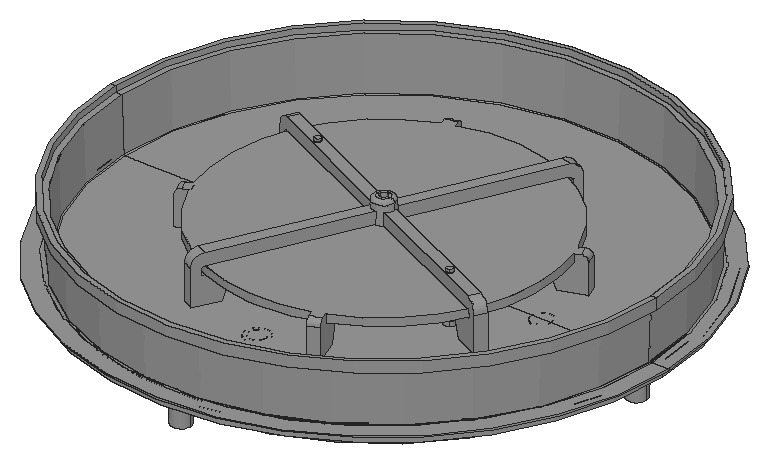
Revit family "MH-Overflow_Updated", category Plumbing Fixtures, Revit 2020
Family settings
  Round Connector Dimension = Use Diameter
  Part Type = Normal
  OmniClass Number = 23.70.50.21.24.11
  OmniClass Title = Roof Waste Water Drains
  Work Plane-Based = No
  Always vertical = Yes
  Cut with Voids When Loaded = No
  Shared = No
  Room Calculation Point = No
Parameters (values of type "MH-300_3"Ø")
  r2 = (12.59843" - 11.14173") / 2  # 0.72835"
  od3 = 0.19497"
  od2 = od1 - 0.07874"  # 0.31496"
  od1 = 0.3937"
  max dia = 141/256"
  linearW = 3.54331"
  linearL = 1.65354"
  id3 = od3 / 2  # 0.09748"
  id1 = od1 / 2  # 0.19685"
  URL = "www.mifab.com"
  SC2 = SC1 / 1.5  # 0.11087"
  SC1 = 0.1663"
  RP2 = id1  # 0.19685"
  Model = "MH-300"
  Manufacturer = "MIFAB\r\n\r\nMIFAB\r\nMIFAB"
  Description = "3\" HydroMax Siphonic Overflow Roof Drain"
  Default Elevation = 0"
  C'1 = C' + 0.41339"  # 5.74803"
  C' = C / 2  # 5.33465"
  RP1 = od2 / 2  # 0.15748"
  R1 = 1.9685" / 9.375  # 0.20997"
  PIPE SIZE' = PIPE SIZE / 2  # 1 1/2"
  PIPE SIZE = 3"
  Material [instance] = Stainless Steel AISI 304
  D = 3.54331"
  C = 10.66929"
  B01 = B' - od1  # 8.52362"
  B' = B / 2  # 8.91732"
  B = 17.83465"
  A' = A / 2  # 9.68504"
  A = 19.37008"
Types (5): name | od3 | od2 | od1 | max dia | linearW | linearL | id3 | id1 | RP2 | Model | Description | C'1 | C' | RP1 | PIPE SIZE' | PIPE SIZE | D | C | B01 | B' | B | A' | A
  (no name) | 0.19497" | 0.31496" | 0.3937" | 141/256" | 3.54331" | 1.65354" | 0.09748" | 0.19685" | 0.19685" | "MH-300" | "3\" HydroMax Siphonic Overflow Roof Drain" | 5.74803" | 5.33465" | 0.15748" | 1 1/2" | 3" | 3.54331" | 10.66929" | 8.52362" | 8.91732" | 17.83465" | 9.68504" | 19.37008"
  MH-300_3"Ø | 0.19497" | 0.31496" | 0.3937" | 141/256" | 3.54331" | 1.65354" | 0.09748" | 0.19685" | 0.19685" | "MH-300" | "3\" HydroMax Siphonic Overflow Roof Drain" | 5.74803" | 5.33465" | 0.15748" | 1 1/2" | 3" | 3.54331" | 10.66929" | 8.52362" | 8.91732" | 17.83465" | 9.68504" | 19.37008"
  MH-400_4"Ø | 0.19497" | 0.3937" | 0.47244" | 141/256" | 3.93701" | 1.83071" | 0.09748" | 0.23622" | 0.23622" | "MH-400" | "4\" HydroMax Siphonic Overflow Roof Drain" | 6.51575" | 6.10236" | 0.19685" | 2" | 4" | 4.33071" | 12.20472" | 8.44488" | 8.91732" | 17.83465" | 9.68504" | 19.37008"
  MH-600_6"Ø | 0.27559" | 0.47244" | 0.55118" | 1 17/64" | 5.51181" | 2.55906" | 0.1378" | 0.27559" | 0.27559" | "MH-600" | "6\" HydroMax Siphonic Overflow Roof Drain" | 8.18898" | 7.77559" | 0.23622" | 3" | 6" | 4.72441" | 15.55118" | 10.59055" | 11.14173" | 22.28346" | 12.59843" | 25.19685"
  MH-500_5"Ø | 0.19497" | 0.3937" | 0.47244" | 141/256" | 3.93701" | 1.83071" | 0.09748" | 0.23622" | 0.23622" | "MH-500" | "5\" HydroMax Siphonic Overflow Roof Drain" | 6.51575" | 6.10236" | 0.19685" | 2 1/2" | 5" | 4.33071" | 12.20472" | 8.44488" | 8.91732" | 17.83465" | 9.68504" | 19.37008"
Reference planes (in)
  plane 1 "Center (Front/Back)": y = 0
  plane 2: z = 0
  plane 3 "Center (Left/Right)": x = 0
  plane 4: x = -8.91732
  plane 5: x = -1.5
  plane 6: z = -3.54331
  plane 7: x = -10.67639
  plane 8 "30.16": z = -1.1874
  plane 9: y = 8.91732
  plane 10: y = -8.91732
  plane 11: x = 8.91732
  plane 12: y = 8.52362
  plane 13: y = -8.52362
  plane 14: x = -8.52362
  plane 15: x = 8.52362
  plane 16: z = -1.50236
  plane 17: x = 5.33465
  plane 18: x = -5.33465
  plane 19: y = 5.33465
  plane 20: y = -5.33465
  plane 21: through (-3.9624, 1.85193, 47.24409) normal (0.4226, 0.9063, 0)
  plane 22: through (1.68821, 3.64509, 47.24409) normal (0.9063, -0.4226, 0)
  plane 23: through (0.00098, -0.00221, 47.24409) normal (0.342, -0.9397, 0)
  plane 24: through (0, 0, 47.24409) normal (0.9397, 0.342, 0)
  plane 25: x = 3.54331
  plane 26: y = -1.65354
  plane 27: through (27.53366, 1.85193, 47.24409) normal (0.4226, 0.9063, 0)
  plane 28: through (31.50514, 0, 47.24409) normal (-0.9063, 0.4226, 0)
  plane 29: z = 2.02323
Forms (in)
  Revolve 1, solid, material "Stainless Steel AISI 304" <- "Material"
    sketch origin (0, 0, 0) x (1, 0, 0) y (0, 0, 1)
      loop
        line (-1.5, -3.54331) -> (-1.38189, -3.54331) -> (-1.38189, -1.69291)
        arc (-1.38189, -1.69291) -> (-1.66812, -0.99713) -> (-2.36298, -0.70866) r 0.98109
        line (-2.36298, -0.70866) -> (-8.46127, -0.70866) -> (-8.86685, -0.1456)
        arc (-8.86685, -0.1456) -> (-8.99458, -0.06025) -> (-9.14524, -0.03028) r 0.3937
        line (-9.14524, -0.03028) -> (-9.37992, -0.03028) -> (-9.37992, -0.30588) -> (-9.22244, -0.30588)
        arc (-9.22244, -0.30588) -> (-9.06988, -0.23141) -> (-8.91732, -0.30588) r 0.19351
        line (-8.91732, -0.30588) -> (-8.50725, -0.82677) -> (-2.48425, -0.82677)
        arc (-2.48425, -0.82677) -> (-1.78828, -1.11505) -> (-1.5, -1.81102) r 0.98425
        line (-1.5, -1.81102) -> (-1.5, -3.54331)
      axis (0, -0.03028) -> (0, -3.54331)
    angle from 0 to 360
  Extrusion 2, void
    sketch origin (0, 0, 0) x (1, 0, 0) y (0, 1, 0)
      loop
        circle (0, 8.52362) r 0.19685
      loop
        circle (8.52362, 0) r 0.19685
      loop
        circle (-8.52362, 0) r 0.19685
      loop
        circle (0, -8.52362) r 0.19685
    from -1.9685 to -0.82677
  Revolve 3, solid, material "Stainless Steel AISI 304" <- "Material"
    sketch origin (0, 0, 0) x (1, 0, 0) y (0, 0, 1)
      loop
        line (-9.5889, -0.03028) -> (-9.03812, -0.03028)
        arc (-9.03812, -0.03028) -> (-8.97477, -0.04007) -> (-8.91732, -0.06851) r 0.20997
        line (-8.91732, -0.06851) -> (-8.80162, -0.22777) -> (0, -0.22777) -> (0, -0.1884) -> (-8.78156, -0.1884) -> (-8.88876, -0.04085)
        arc (-8.88876, -0.04085) -> (-8.95941, -0.00387) -> (-9.03812, 0.00889) r 0.24915
        line (-9.03812, 0.00889) -> (-9.5889, 0.00889) -> (-9.5889, -0.03028)
      axis (0, -0.22777) -> (0, 0.00889)
    angle from 0 to 360
  Revolve 4, void
    sketch origin (0, 0, 0) x (1, 0, 0) y (0, 0, 1)
      loop
        line (-5.33465, 0.00889) -> (-5.69075, 0.00889)
        arc (-5.69075, 0.00889) -> (-5.6605, -0.02595) -> (-5.64961, -0.07078) r 0.09771
        line (-5.64961, -0.07078) -> (-5.64961, -0.30588) -> (-5.33465, -0.30588) -> (-5.33465, 0.00889)
      axis (-5.33465, 0.00889) -> (-5.33465, -0.30588)
    angle from 0 to 360
  Revolve 5, solid, material "Stainless Steel AISI 304" <- "Material"
    sketch origin (0, 0, 0) x (1, 0, 0) y (0, 0, 1)
      loop
        line (0, -0.1884) -> (0, 0.02267) -> (-8.73192, 0.02267) -> (-8.76239, 0.05314) -> (-8.82426, 1.82496) -> (-9.01965, 1.82496) -> (-9.01965, 2.02323) -> (-9.17713, 2.02323) -> (-9.17713, 1.66748) -> (-8.97634, 1.66748) -> (-8.91732, -0.02246) -> (-8.88876, -0.04085) -> (-8.78156, -0.1884) -> (0, -0.1884)
      axis (0, -0.1884) -> (0, 2.02323)
    angle from 0 to 360
  Revolve 6, void
    sketch origin (0, 0, 0) x (-1, 0, 0) y (0, 0, 1)
      loop
        line (-5.33465, 0.00889) -> (-5.69075, 0.00889)
        arc (-5.69075, 0.00889) -> (-5.6605, -0.02595) -> (-5.64961, -0.07078) r 0.09771
        line (-5.64961, -0.07078) -> (-5.64961, -0.30588) -> (-5.33465, -0.30588) -> (-5.33465, 0.00889)
      axis (-5.33465, 0.00889) -> (-5.33465, -0.30588)
    angle from 0 to 360
  Revolve 7, void
    sketch origin (-3.64173, -5.33465, 0) x (-1, 0, 0) y (0, 0, 1)
      loop
        line (-3.64173, 0.00889) -> (-4.03721, 0.00889)
        arc (-4.03721, 0.00889) -> (-4.00696, -0.02595) -> (-3.99606, -0.07078) r 0.09771
        line (-3.99606, -0.07078) -> (-3.99606, -0.30588) -> (-3.64173, -0.30588) -> (-3.64173, 0.00889)
      axis (-3.64173, 0.00889) -> (-3.64173, -0.30588)
    angle from 0 to 360
  Revolve 8, void
    sketch origin (-3.64173, 5.33465, 0) x (-1, 0, 0) y (0, 0, 1)
      loop
        line (-3.64173, 0.00889) -> (-4.03721, 0.00889)
        arc (-4.03721, 0.00889) -> (-4.00696, -0.02595) -> (-3.99606, -0.07078) r 0.09771
        line (-3.99606, -0.07078) -> (-3.99606, -0.30588) -> (-3.64173, -0.30588) -> (-3.64173, 0.00889)
      axis (-3.64173, 0.00889) -> (-3.64173, -0.30588)
    angle from 0 to 360
  Revolve 9, solid, material "Stainless Steel AISI 304" <- "Material"
    sketch origin (0, 0, 0) x (1, 0, 0) y (0, 0, 1)
      loop
        line (-5.61182, 0.00889) -> (-5.54483, -0.13565) -> (-5.50095, -0.13565) -> (-5.50095, -1.07116) -> (-5.46408, -1.10803) -> (-5.45193, -1.15338) -> (-5.41791, -1.1874) -> (-5.33465, -1.1874) -> (-5.33465, 0.00889) -> (-5.61182, 0.00889)
      axis (-5.33465, -1.1874) -> (-5.33465, 0.00889)
    angle from 0 to 360
  Revolve 10, solid, material "Stainless Steel AISI 304" <- "Material"
    sketch origin (0, 0, 0) x (-1, 0, 0) y (0, 0, 1)
      loop
        line (-5.61182, 0.00889) -> (-5.54483, -0.13565) -> (-5.50095, -0.13565) -> (-5.50095, -1.07116) -> (-5.46408, -1.10803) -> (-5.45193, -1.15338) -> (-5.41791, -1.1874) -> (-5.33465, -1.1874) -> (-5.33465, 0.00889) -> (-5.61182, 0.00889)
      axis (-5.33465, -1.1874) -> (-5.33465, 0.00889)
    angle from 0 to 360
  Revolve 11, solid, material "Stainless Steel AISI 304" <- "Material"
    sketch origin (-3.64173, -5.33465, 0) x (-1, 0, 0) y (0, 0, 1)
      loop
        line (-3.91891, 0.00889) -> (-3.85191, -0.13565) -> (-3.80804, -0.13565) -> (-3.80804, -1.07116) -> (-3.77117, -1.10803) -> (-3.75901, -1.15338) -> (-3.725, -1.1874) -> (-3.64173, -1.1874) -> (-3.64173, 0.00889) -> (-3.91891, 0.00889)
      axis (-3.64173, -1.1874) -> (-3.64173, 0.00889)
    angle from 0 to 360
  Revolve 12, solid, material "Stainless Steel AISI 304" <- "Material"
    sketch origin (-3.64173, 5.33465, 0) x (-1, 0, 0) y (0, 0, 1)
      loop
        line (-3.91891, 0.00889) -> (-3.85191, -0.13565) -> (-3.80804, -0.13565) -> (-3.80804, -1.07116) -> (-3.77117, -1.10803) -> (-3.75901, -1.15338) -> (-3.725, -1.1874) -> (-3.64173, -1.1874) -> (-3.64173, 0.00889) -> (-3.91891, 0.00889)
      axis (-3.64173, -1.1874) -> (-3.64173, 0.00889)
    angle from 0 to 360
  Revolve 13, solid, material "Stainless Steel AISI 304" <- "Material"
    sketch origin (0, 0, 0) x (0, -1, 0) y (0, 0, 1)
      loop
        line (-5.64402, -1.50493) -> (-5.33465, -1.50493) -> (-5.33465, -0.82677) -> (-5.78802, -0.82677)
        arc (-5.78802, -0.82677) -> (-5.7449, -0.85705) -> (-5.72835, -0.90707) r 0.08386
        line (-5.72835, -0.90707) -> (-5.68154, -1.47078)
        arc (-5.68154, -1.47078) -> (-5.66939, -1.49511) -> (-5.64402, -1.50493) r 0.03769
      axis (-5.33465, -1.50493) -> (-5.33465, -0.82677)
    angle from 0 to 360
  Revolve 14, solid, material "Stainless Steel AISI 304" <- "Material"
    sketch origin (5.33465, -7.77559, 0) x (0, -1, 0) y (0, 0, 1)
      loop
        line (-8.08496, -1.50493) -> (-7.77559, -1.50493) -> (-7.77559, -0.82677) -> (-8.22896, -0.82677)
        arc (-8.22896, -0.82677) -> (-8.18584, -0.85705) -> (-8.16929, -0.90707) r 0.08386
        line (-8.16929, -0.90707) -> (-8.12249, -1.47078)
        arc (-8.12249, -1.47078) -> (-8.11033, -1.49511) -> (-8.08496, -1.50493) r 0.03769
      axis (-7.77559, -1.50493) -> (-7.77559, -0.82677)
    angle from 0 to 360
  Revolve 15, solid, material "Stainless Steel AISI 304" <- "Material"
    sketch origin (0, 0, 0) x (1, 0, 0) y (0, 0, 1)
      loop
        arc (8.85568, -0.42226) -> (8.87954, -0.36038) -> (8.91732, -0.30588) r 0.27909
        line (8.91732, -0.30588) -> (8.52362, -0.30588) -> (8.52362, -1.1874) -> (8.83858, -1.1874) -> (8.85568, -0.42226)
      axis (8.52362, -1.1874) -> (8.52362, -0.30588)
    angle from 0 to 360
  Revolve 16, solid, material "Stainless Steel AISI 304" <- "Material"
    sketch origin (0, 0, 0) x (-1, 0, 0) y (0, 0, 1)
      loop
        arc (8.85129, -0.42524) -> (8.87699, -0.36204) -> (8.91732, -0.30702) r 0.27767
        line (8.91732, -0.30702) -> (8.52362, -0.30702) -> (8.52362, -1.30551) -> (8.83858, -1.30551) -> (8.85129, -0.42524)
      axis (8.52362, -1.30551) -> (8.52362, -0.30702)
    angle from 0 to 360
  Extrusion 17, solid, material "Stainless Steel AISI 304" <- "Material"
    sketch origin (-1.52233, 1.38829, 0) x (-0.422618, -0.906308, 0) y (0, 0, -1)
      loop
        line (-5.13701, -0.00889) -> (-5.13701, -1.18999)
        arc (-5.13701, -1.18999) -> (-5.0217, -1.46838) -> (-4.74331, -1.58369) r 0.3937
        line (-4.74331, -1.58369) -> (-3.71723, -1.58369)
        arc (-3.71723, -1.58369) -> (-3.67463, -1.56128) -> (-3.66897, -1.51347) r 0.05169
        line (-3.66897, -1.51347) -> (-3.74878, -1.30555)
        arc (-3.74878, -1.30555) -> (-3.81355, -1.2234) -> (-3.91346, -1.19237) r 0.1764
        line (-3.91346, -1.19237) -> (-4.7274, -1.19237)
        arc (-4.7274, -1.19237) -> (-4.82272, -1.15289) -> (-4.8622, -1.05757) r 0.1348
        line (-4.8622, -1.05757) -> (-4.8622, -0.92777) -> (-4.02904, -0.92777)
        arc (-4.02904, -0.92777) -> (-3.95244, -0.88747) -> (-3.94226, -0.80151) r 0.09295
        line (-3.94226, -0.80151) -> (-4.24652, -0.00889) -> (-5.13701, -0.00889)
    from 1.76357 to 2.14838
  Extrusion 18, solid, material "Stainless Steel AISI 304" <- "Material"
    sketch origin (1.37256, 1.52238, 0) x (-0.906308, 0.422618, 0) y (0, 0, -1)
      loop
        line (-5.13701, -0.00889) -> (-5.13701, -1.18999)
        arc (-5.13701, -1.18999) -> (-5.0217, -1.46838) -> (-4.74331, -1.58369) r 0.3937
        line (-4.74331, -1.58369) -> (-3.71723, -1.58369)
        arc (-3.71723, -1.58369) -> (-3.67463, -1.56128) -> (-3.66897, -1.51347) r 0.05169
        line (-3.66897, -1.51347) -> (-3.74878, -1.30555)
        arc (-3.74878, -1.30555) -> (-3.81355, -1.2234) -> (-3.91346, -1.19237) r 0.1764
        line (-3.91346, -1.19237) -> (-4.7274, -1.19237)
        arc (-4.7274, -1.19237) -> (-4.82272, -1.15289) -> (-4.8622, -1.05757) r 0.1348
        line (-4.8622, -1.05757) -> (-4.8622, -0.92777) -> (-4.02904, -0.92777)
        arc (-4.02904, -0.92777) -> (-3.95244, -0.88747) -> (-3.94226, -0.80151) r 0.09295
        line (-3.94226, -0.80151) -> (-4.24652, -0.00889) -> (-5.13701, -0.00889)
    from 1.76357 to 2.14838
  Extrusion 19, solid, material "Stainless Steel AISI 304" <- "Material"
    sketch origin (0.26502, 2.03883, 0) x (0.906308, -0.422618, 0) y (0, 0, 1)
      loop
        line (-5.13701, 0.00889) -> (-4.24652, 0.00889) -> (-3.94226, 0.80151)
        arc (-3.94226, 0.80151) -> (-3.95244, 0.88747) -> (-4.02904, 0.92777) r 0.09295
        line (-4.02904, 0.92777) -> (-4.8622, 0.92777) -> (-4.8622, 1.05757)
        arc (-4.8622, 1.05757) -> (-4.82272, 1.15289) -> (-4.7274, 1.19237) r 0.1348
        line (-4.7274, 1.19237) -> (-3.91346, 1.19237)
        arc (-3.91346, 1.19237) -> (-3.81355, 1.2234) -> (-3.74878, 1.30555) r 0.1764
        line (-3.74878, 1.30555) -> (-3.66897, 1.51347)
        arc (-3.66897, 1.51347) -> (-3.67463, 1.56128) -> (-3.71723, 1.58369) r 0.05169
        line (-3.71723, 1.58369) -> (-4.74331, 1.58369)
        arc (-4.74331, 1.58369) -> (-5.0217, 1.46838) -> (-5.13701, 1.18999) r 0.3937
        line (-5.13701, 1.18999) -> (-5.13701, 0.00889)
    from 1.76357 to 2.14838
  Extrusion 20, solid, material "Stainless Steel AISI 304" <- "Material"
    sketch origin (0.09564, -2.04927, 0) x (0.939693, 0.34202, 0) y (0, 0, -1)
      loop
        line (-5.13701, -0.00889) -> (-5.13701, -0.99552)
        arc (-5.13701, -0.99552) -> (-5.07936, -1.13472) -> (-4.94016, -1.19237) r 0.19685
        line (-4.94016, -1.19237) -> (-4.59944, -1.19237)
        arc (-4.59944, -1.19237) -> (-4.69476, -1.15289) -> (-4.73424, -1.05757) r 0.1348
        line (-4.73424, -1.05757) -> (-4.73424, -0.92777) -> (-4.02904, -0.92777)
        arc (-4.02904, -0.92777) -> (-3.95244, -0.88747) -> (-3.94226, -0.80151) r 0.09295
        line (-3.94226, -0.80151) -> (-4.24652, -0.00889) -> (-5.13701, -0.00889)
    from 1.76357 to 2.14838
  Extrusion 21, solid, material "Stainless Steel AISI 304" <- "Material"
    sketch origin (-2.03878, 0.28075, 0) x (0.422618, 0.906308, 0) y (0, 0, 1)
      loop
        line (-5.13701, 0.00889) -> (-4.24652, 0.00889) -> (-3.94226, 0.80151)
        arc (-3.94226, 0.80151) -> (-3.95244, 0.88747) -> (-4.02904, 0.92777) r 0.09295
        line (-4.02904, 0.92777) -> (-4.8622, 0.92777) -> (-4.8622, 1.05757)
        arc (-4.8622, 1.05757) -> (-4.82272, 1.15289) -> (-4.7274, 1.19237) r 0.1348
        line (-4.7274, 1.19237) -> (-3.91346, 1.19237)
        arc (-3.91346, 1.19237) -> (-3.81355, 1.2234) -> (-3.74878, 1.30555) r 0.1764
        line (-3.74878, 1.30555) -> (-3.66897, 1.51347)
        arc (-3.66897, 1.51347) -> (-3.67463, 1.56128) -> (-3.71723, 1.58369) r 0.05169
        line (-3.71723, 1.58369) -> (-4.74331, 1.58369)
        arc (-4.74331, 1.58369) -> (-5.0217, 1.46838) -> (-5.13701, 1.18999) r 0.3937
        line (-5.13701, 1.18999) -> (-5.13701, 0.00889)
    from 1.76357 to 2.14838
  Extrusion 22, solid, material "Stainless Steel AISI 304" <- "Material"
    sketch origin (-0.00697, 0.00917, 0) x (0.707107, 0.707107, 0) y (-0.707107, 0.707107, 0)
      loop
        circle (-0.00338, -0.01323) r 5.33465
    from 0.92777 to 1.19237
  Revolve 23, solid, material "Stainless Steel AISI 304" <- "Material"
    sketch origin (0, 0, 0) x (0, 1, 0) y (0, 0, 1)
      loop
        line (-5.64402, -1.50107) -> (-5.33465, -1.50107) -> (-5.33465, -0.82677) -> (-5.78802, -0.82677)
        arc (-5.78802, -0.82677) -> (-5.7449, -0.85705) -> (-5.72835, -0.90707) r 0.08386
        line (-5.72835, -0.90707) -> (-5.68163, -1.46575)
        arc (-5.68163, -1.46575) -> (-5.66982, -1.49085) -> (-5.64402, -1.50107) r 0.03769
      axis (-5.33465, -1.50107) -> (-5.33465, -0.82677)
    angle from 0 to 360
  Extrusion 24, solid, material "Stainless Steel AISI 304" <- "Material"
    sketch origin (0, 0, 0) x (1, 0, 0) y (0, 1, 0)
      loop
        line (-4.32895, 2.23516) -> (-4.49158, 1.88639) -> (4.31327, -2.21938) -> (4.4759, -1.87062) -> (-4.32895, 2.23516)
    from 1.19237 to 1.58369
  Extrusion 25, solid, material "Stainless Steel AISI 304" <- "Material"
    sketch origin (0.00005, 0.01573, 0) x (0, 1, 0) y (-1, 0, 0)
      loop
        line (4.31327, -2.21938) -> (4.4759, -1.87062) -> (-4.32895, 2.23516) -> (-4.49158, 1.88639) -> (4.31327, -2.21938)
    from 1.19237 to 1.58369
  Extrusion 26, solid, material "Stainless Steel AISI 304" <- "Material"
    sketch origin (2.04782, 0.09254, 0) x (-0.34202, 0.939693, 0) y (0, 0, -1)
      loop
        line (-5.13701, -0.00889) -> (-5.13701, -0.99552)
        arc (-5.13701, -0.99552) -> (-5.07936, -1.13472) -> (-4.94016, -1.19237) r 0.19685
        line (-4.94016, -1.19237) -> (-4.59944, -1.19237)
        arc (-4.59944, -1.19237) -> (-4.69476, -1.15289) -> (-4.73424, -1.05757) r 0.1348
        line (-4.73424, -1.05757) -> (-4.73424, -0.92777) -> (-4.02904, -0.92777)
        arc (-4.02904, -0.92777) -> (-3.95244, -0.88747) -> (-3.94226, -0.80151) r 0.09295
        line (-3.94226, -0.80151) -> (-4.24652, -0.00889) -> (-5.13701, -0.00889)
    from 1.76357 to 2.14838
  Extrusion 27, solid, material "Stainless Steel AISI 304" <- "Material"
    sketch origin (1.62986, 1.24088, 0) x (0.34202, -0.939693, 0) y (0, 0, 1)
      loop
        line (-5.13701, 0.00889) -> (-4.24652, 0.00889) -> (-3.94226, 0.80151)
        arc (-3.94226, 0.80151) -> (-3.95244, 0.88747) -> (-4.02904, 0.92777) r 0.09295
        line (-4.02904, 0.92777) -> (-4.73424, 0.92777) -> (-4.73424, 1.05757)
        arc (-4.73424, 1.05757) -> (-4.69476, 1.15289) -> (-4.59944, 1.19237) r 0.1348
        line (-4.59944, 1.19237) -> (-4.94016, 1.19237)
        arc (-4.94016, 1.19237) -> (-5.07936, 1.13472) -> (-5.13701, 0.99552) r 0.19685
        line (-5.13701, 0.99552) -> (-5.13701, 0.00889)
    from 1.76357 to 2.14838
  Extrusion 28, solid, material "Stainless Steel AISI 304" <- "Material"
    sketch origin (1.24398, -1.6313, 0) x (-0.939693, -0.34202, 0) y (0, 0, 1)
      loop
        line (-5.13701, 0.00889) -> (-4.24652, 0.00889) -> (-3.94226, 0.80151)
        arc (-3.94226, 0.80151) -> (-3.95244, 0.88747) -> (-4.02904, 0.92777) r 0.09295
        line (-4.02904, 0.92777) -> (-4.73424, 0.92777) -> (-4.73424, 1.05757)
        arc (-4.73424, 1.05757) -> (-4.69476, 1.15289) -> (-4.59944, 1.19237) r 0.1348
        line (-4.59944, 1.19237) -> (-4.94016, 1.19237)
        arc (-4.94016, 1.19237) -> (-5.07936, 1.13472) -> (-5.13701, 0.99552) r 0.19685
        line (-5.13701, 0.99552) -> (-5.13701, 0.00889)
    from 1.76357 to 2.14838
  Revolve 29, solid, material "Stainless Steel AISI 304" <- "Material"
    sketch origin (-5.33465, -7.77559, 0) x (0, -1, 0) y (0, 0, 1)
      loop
        line (-8.08496, -1.50493) -> (-7.77559, -1.50493) -> (-7.77559, -0.82677) -> (-8.22896, -0.82677)
        arc (-8.22896, -0.82677) -> (-8.18584, -0.85705) -> (-8.16929, -0.90707) r 0.08386
        line (-8.16929, -0.90707) -> (-8.12249, -1.47078)
        arc (-8.12249, -1.47078) -> (-8.11033, -1.49511) -> (-8.08496, -1.50493) r 0.03769
      axis (-7.77559, -1.50493) -> (-7.77559, -0.82677)
    angle from 0 to 360
  Revolve 30, solid, material "Stainless Steel AISI 304" <- "Material"
    sketch origin (0, 0, 0) x (1, 0, 0) y (0, 0, 1)
      loop
        line (-0.1378, 1.89029) -> (-0.22757, 1.89029)
        arc (-0.22757, 1.89029) -> (-0.31424, 1.85615) -> (-0.35435, 1.77207) r 0.12709
        line (-0.35435, 1.77207) -> (-0.41339, 0.92777) -> (-0.1378, 0.92777) -> (-0.1378, 1.89029)
      axis (0, 0.92777) -> (0, 1.89029)
    angle from 0 to 360
  Extrusion 31, solid, material "Stainless Steel AISI 304" <- "Material"
    sketch origin (0, 0, 0) x (1, 0, 0) y (0, 1, 0)
      loop
        circle (-3.54331, 1.65354) r 0.11087
    from 0 to 1.58369
  Extrusion 32, solid, material "Stainless Steel AISI 304" <- "Material"
    sketch origin (0, 0, 0) x (1, 0, 0) y (0, 1, 0)
      loop
        circle (-3.54331, 1.65354) r 0.09748
    from 1.58369 to 1.65396
  Extrusion 33, solid, material "Stainless Steel AISI 304" <- "Material"
    sketch origin (0, 0, 0) x (1, 0, 0) y (0, 1, 0)
      loop
        circle (-3.54331, 1.65354) r 0.19685
    from 0 to 0.14616
  Extrusion 34, solid, material "Stainless Steel AISI 304" <- "Material"
    sketch origin (-0.01892, 0.00882, 0) x (-0.642788, 0.766044, 0) y (-0.766044, -0.642788, 0)
      loop
        circle (-3.5632, -1.66028) r 0.11087
    from 0 to 1.58369
  Extrusion 35, solid, material "Stainless Steel AISI 304" <- "Material"
    sketch origin (-0.01892, 0.00882, 0) x (-0.642788, 0.766044, 0) y (-0.766044, -0.642788, 0)
      loop
        circle (-3.5632, -1.66028) r 0.09748
    from 1.58369 to 1.65396
  Extrusion 36, solid, material "Stainless Steel AISI 304" <- "Material"
    sketch origin (-0.01892, 0.00882, 0) x (-0.642788, 0.766044, 0) y (-0.766044, -0.642788, 0)
      loop
        circle (-3.5632, -1.66028) r 0.19685
    from 0 to 0.14616
  Revolve 37, solid, material "Stainless Steel AISI 304" <- "Material"
    sketch origin (5.49213, 8.52362, 0) x (-1, 0, 0) y (0, 0, 1)
      loop
        arc (5.81041, -0.4128) -> (5.83851, -0.33845) -> (5.88583, -0.27459) r 0.28864
        line (5.88583, -0.27459) -> (5.49213, -0.27459) -> (5.49213, -1.30551) -> (5.80709, -1.30551) -> (5.81041, -0.4128)
      axis (5.49213, -1.30551) -> (5.49213, -0.27459)
    angle from 0 to 360
  Revolve 38, solid, material "Stainless Steel AISI 304" <- "Material"
    sketch origin (10.57418, -8.52362, 0) x (-1, 0, 0) y (0, 0, 1)
      loop
        arc (10.90624, -0.42226) -> (10.9301, -0.36038) -> (10.96788, -0.30588) r 0.27909
        line (10.96788, -0.30588) -> (10.57418, -0.30588) -> (10.57418, -1.22677) -> (10.88914, -1.22677) -> (10.90624, -0.42226)
      axis (10.57418, -1.22677) -> (10.57418, -0.30588)
    angle from 0 to 360
Cuts and joins
  Revolve 4 cuts Revolve 3
  Revolve 4, Revolve 6, Revolve 7, Revolve 8 cuts Revolve 5
  Revolve 4 cuts Revolve 1
  Extrusion 2 cuts Revolve 15
  Extrusion 2 cuts Revolve 16
  joined: Extrusion 17, Extrusion 18, Extrusion 19, Extrusion 21, Extrusion 24, Extrusion 25
  Extrusion 2 cuts Revolve 37
  Extrusion 2 cuts Revolve 38
  joined: Extrusion 20, Extrusion 22, Extrusion 26, Extrusion 27, Extrusion 28
Lines and regions (in)
  model lines
    curve 1: circle (0, 0, 0) r 5.88583 normal (0, 0, 1)
    curve 2: circle (0, 0, 0) r 6.10236 normal (0, 0, 1)
    curve 3: circle (0, 0, 0) r 3.64173 normal (0, 0, 1)
    curve 4: circle (0, -0.00257, 0) r 3.05103 normal (0, 0, 1)
    curve 7: circle (0, 0, 0) r 5.88583 normal (0, 0, 1)
  reference lines
    curve 5: line (-3.54331, 2.47005, 0) -> (-3.54331, -1.17383, 0)
    curve 6: line (-1.54238, 1.65354, 0) -> (3.03728, 1.65354, 0)
Dimensions and locks (in)
  "B'": plane 4 to plane 3 "Center (Left/Right)"  (x2)
  "PIPE SIZE'": plane 3 "Center (Left/Right)" to plane 5
  "D": level to plane 6
  Revolve 1 sketch curve to Revolve 1 sketch curve = 0.11811"
  locked: Revolve 1 sketch curve to Revolve 1 sketch curve at 0.27559
  "RP1": Revolve 1 sketch curve to Revolve 1 sketch curve
  locked: level to plane 8 "30.16" at 1.1874
  "B'": plane 10 to plane 1 "Center (Front/Back)"
  "B'": plane 9 to plane 1 "Center (Front/Back)"
  "B'": plane 11 to plane 3 "Center (Left/Right)"
  "B01": plane 12 to plane 1 "Center (Front/Back)"
  "B01": plane 1 "Center (Front/Back)" to plane 13
  "B01": plane 3 "Center (Left/Right)" to plane 15
  "B01": plane 14 to plane 3 "Center (Left/Right)"
  locked: Revolve 3 sketch curve to Revolve 3 sketch curve at 0.03937
  plane 8 "30.16" to plane 16 = 0.31496"
  "C'": plane 3 "Center (Left/Right)" to plane 17
  "C'": plane 18 to plane 3 "Center (Left/Right)"
  "od2": Revolve 4 sketch curve to Revolve 4 sketch curve
  "od2": plane 17 to Revolve 6 sketch curve
  "C'": plane 1 "Center (Front/Back)" to plane 19
  "C'": plane 20 to plane 1 "Center (Front/Back)"
  "SC1": Revolve 9 sketch curve to Revolve 9 sketch curve
  "SC2": Revolve 9 sketch curve to Revolve 9 sketch curve
  "SC1": Revolve 10 sketch curve to Revolve 10 sketch curve
  "SC2": Revolve 10 sketch curve to Revolve 10 sketch curve
  "SC1": Revolve 11 sketch curve to Revolve 11 sketch curve
  "SC2": Revolve 11 sketch curve to Revolve 11 sketch curve
  "SC1": Revolve 12 sketch curve to Revolve 12 sketch curve
  "SC2": Revolve 12 sketch curve to Revolve 12 sketch curve
  "od1": Revolve 13 sketch curve to Revolve 13 sketch curve
  "od1": Revolve 14 sketch curve to Revolve 14 sketch curve
  "od1": Revolve 15 sketch curve to plane 15
  "RP2": plane 16 to cut or joined group of Extrusion 2, Revolve 16
  "C'1": plane 22 to Extrusion 18
  "C'1": plane 22 to Extrusion 19
  "C'1": plane 24 to Extrusion 20
  "C'1": plane 21 to Extrusion 17
  "C'1": plane 21 to Extrusion 21
  "od1": Revolve 23 sketch curve to Revolve 23 sketch curve
  "C'1": plane 23 to Extrusion 26
  "C'1": plane 23 to Extrusion 27
  "C'1": plane 24 to Extrusion 28
  "od1": Revolve 29 sketch curve to Revolve 29 sketch curve
  "linearL": plane 1 "Center (Front/Back)" to curve 6
  "linearW": curve 5 to plane 3 "Center (Left/Right)"
  "linearL": plane 1 "Center (Front/Back)" to plane 26
  "linearW": plane 3 "Center (Left/Right)" to plane 25
  "od1": Revolve 37 sketch curve to Revolve 37 sketch curve
  "od2": Revolve 37 sketch curve to Revolve 37 sketch curve
  "od1": Revolve 38 sketch curve to Revolve 38 sketch curve
  "od2": Revolve 38 sketch curve to Revolve 38 sketch curve
  "od2": Revolve 15 sketch curve to Revolve 15 sketch curve
  "od1": Revolve 16 sketch curve to Revolve 16 sketch curve
  "od2": Revolve 16 sketch curve to Revolve 16 sketch curve
  plane 29 to level = 2.02323"
  "max dia": Revolve 3 sketch curve to Revolve 3 sketch curve
  "id1": radius of Extrusion 2 sketch curve  (x4)
  "R1": radius of Revolve 3 sketch curve
  radius of Extrusion 22 sketch curve = 5.33465"
  "C'": radius of Extrusion 22 sketch curve
  "id1": radius of Extrusion 33 sketch curve
  "id3": radius of Extrusion 32 sketch curve
  "SC2": radius of Extrusion 31 sketch curve
  "id1": radius of Extrusion 36 sketch curve
  "id3": radius of Extrusion 35 sketch curve
  "SC2": radius of Extrusion 34 sketch curve
  angle plane 22 to plane 3 "Center (Left/Right)" = 25.00°
  angle plane 21 to plane 22 = 90.00°
  locked: plane 21 to plane 3 "Center (Left/Right)" (angle 115.00°)
  angle plane 23 to plane 22 = 45.00°
  aligned and locked: plane 5 to Revolve 1 sketch curve
  aligned and locked: plane 2 to Revolve 1 sketch curve
  aligned and locked: Revolve 1 sketch curve to plane 3 "Center (Left/Right)"
  aligned and locked: plane 4 to Revolve 1 sketch curve
  aligned and locked: plane 12 to Extrusion 2 sketch curve
  aligned and locked: plane 3 "Center (Left/Right)" to Extrusion 2 sketch curve  (x2)
  aligned and locked: plane 15 to Extrusion 2 sketch curve
  aligned and locked: plane 1 "Center (Front/Back)" to Extrusion 2 sketch curve  (x2)
  aligned and locked: Revolve 3 sketch curve to Revolve 1  (x2)
  aligned and locked: Revolve 3 sketch curve to plane 3 "Center (Left/Right)"
  aligned and locked: Revolve 4 sketch curve to plane 18
  aligned and locked: Revolve 4 sketch curve to Revolve 3
  aligned and locked: Revolve 5 sketch curve to Revolve 3
  aligned and locked: plane 3 "Center (Left/Right)" to Revolve 5 sketch curve
  aligned and locked: plane 19 to Revolve 8
  aligned and locked: plane 20 to Revolve 7
  aligned and locked: plane 18 to Revolve 9 sketch curve
  aligned and locked: Revolve 9 sketch curve to Revolve 9 sketch curve
  aligned and locked: Revolve 10 sketch curve to Revolve 10 sketch curve
  aligned and locked: Revolve 11 sketch curve to Revolve 11 sketch curve
  aligned and locked: plane 20 to Revolve 11
  aligned and locked: Revolve 12 sketch curve to Revolve 12 sketch curve
  aligned and locked: plane 19 to Revolve 12
  aligned and locked: Revolve 13 sketch curve to Revolve 13 sketch curve
  aligned and locked: Revolve 14 sketch curve to Revolve 14 sketch curve
  aligned and locked: plane 17 to Revolve 14
  aligned and locked: plane 15 to Revolve 15 sketch curve
  aligned and locked: plane 8 "30.16" to Revolve 15 sketch curve
  aligned and locked: Revolve 15 sketch curve to Revolve 15 sketch curve  (x2)
  aligned and locked: Revolve 16 sketch curve to Revolve 16 sketch curve  (x2)
  aligned and locked: Revolve 23 sketch curve to Revolve 23 sketch curve
  aligned and locked: Extrusion 19 to Extrusion 24 sketch curve
  aligned and locked: Extrusion 24 sketch curve to Extrusion 18  (x2)
  aligned and locked: Revolve 29 sketch curve to Revolve 29 sketch curve
  aligned and locked: plane 18 to Revolve 29
  aligned and locked: plane 3 "Center (Left/Right)" to Revolve 30 sketch curve
  aligned and locked: Extrusion 25 sketch curve to Extrusion 17
  aligned and locked: Extrusion 25 sketch curve to Extrusion 21  (x3)
  aligned and locked: Extrusion 31 sketch curve to curve 6
  aligned and locked: curve 5 to Extrusion 31 sketch curve
  aligned and locked: Extrusion 31 to Extrusion 19
  aligned and locked: plane 14 to Extrusion 2 sketch curve
  aligned and locked: Extrusion 32 sketch curve to curve 6
  aligned and locked: curve 5 to Extrusion 32 sketch curve
  aligned and locked: curve 5 to Extrusion 33 sketch curve
  aligned and locked: Extrusion 33 sketch curve to curve 6
  aligned and locked: plane 26 to Extrusion 36 sketch curve
  aligned and locked: plane 25 to Extrusion 36 sketch curve
  aligned and locked: plane 25 to Extrusion 35 sketch curve
  aligned and locked: plane 26 to Extrusion 35 sketch curve
  aligned and locked: plane 25 to Extrusion 34 sketch curve
  aligned and locked: plane 26 to Extrusion 34 sketch curve
  aligned and locked: plane 13 to Extrusion 2 sketch curve
  aligned and locked: Revolve 37 sketch curve to Revolve 37 sketch curve  (x2)
  aligned and locked: plane 12 to cut or joined group of Extrusion 2, Revolve 37  (x2)
  aligned and locked: Revolve 38 sketch curve to Revolve 38 sketch curve  (x2)
  aligned and locked: plane 13 to Revolve 38
  aligned and locked: Revolve 37 sketch curve to plane 3 "Center (Left/Right)"
  aligned and locked: plane 3 "Center (Left/Right)" to Revolve 38 sketch curve
  aligned and locked: plane 14 to Revolve 16 sketch curve
Automatic sketch dimensions
  curve 1 to curve 2 = 0"  (x2)
  curve 1 to curve 3 = 0"
  curve 1 to curve 7 = 0"
  curve 2 to curve 3 = 0"
  curve 2 to curve 7 = 0"
  plane 1 "Center (Front/Back)" to curve 2 = 0"
  curve 2 to plane 3 "Center (Left/Right)" = 0"
  curve 4 to plane 3 "Center (Left/Right)" = 0"
  plane 23 to curve 4 = 0"
  Revolve 7 sketch curve to plane 3 "Center (Left/Right)" = 0"  (x2)
  Revolve 7 sketch curve to Revolve 7 sketch curve = 0.35433"
  Revolve 7 sketch curve to level = 0.00889"
  Revolve 7 sketch curve to Revolve 7 sketch curve = 0.04114"
  level to Revolve 7 sketch curve = 0.07078"
  Revolve 7 sketch curve to Revolve 7 sketch curve = 0.23509"
  plane 16 to Revolve 7 sketch curve = 139/256"
  Revolve 7 sketch curve to Revolve 7 sketch curve = 0.22923"
  Revolve 8 sketch curve to plane 3 "Center (Left/Right)" = 0"  (x2)
  plane 3 "Center (Left/Right)" to Revolve 8 sketch curve = 0.35433"
  level to Revolve 8 sketch curve = 0.00889"
  Revolve 8 sketch curve to Revolve 8 sketch curve = 0.04114"
  Revolve 8 sketch curve to level = 0.07078"
  Revolve 8 sketch curve to Revolve 8 sketch curve = 0.23509"
  Revolve 8 sketch curve to plane 16 = 139/256"
  Revolve 8 sketch curve to Revolve 8 sketch curve = 0.22923"
  level to Extrusion 17 sketch curve = 0.00889"
  plane 21 to Extrusion 17 sketch curve = 5.74803"
  Extrusion 17 sketch curve to Extrusion 17 sketch curve = 0.27481"
  Extrusion 17 sketch curve to Extrusion 17 sketch curve = 0.11889"
  Extrusion 17 sketch curve to Extrusion 17 sketch curve = 0.01591"
  Extrusion 17 sketch curve to Extrusion 17 sketch curve = 0.89049"
  Extrusion 17 sketch curve to Extrusion 17 sketch curve = 0.69837"
  level to Extrusion 17 sketch curve = 0.80151"
  Extrusion 17 sketch curve to Extrusion 17 sketch curve = 0.08677"
  Extrusion 17 sketch curve to Extrusion 17 sketch curve = 0.11557"
  level to Extrusion 17 sketch curve = 1.30555"
  Extrusion 17 sketch curve to Extrusion 17 sketch curve = 0.16468"
  Extrusion 17 sketch curve to Extrusion 17 sketch curve = 0.03155"
  level to Extrusion 17 sketch curve = 1.51347"
  Extrusion 17 sketch curve to Extrusion 17 sketch curve = 0.04826"
  Extrusion 17 sketch curve to Extrusion 17 sketch curve = 0.01853"
  Extrusion 17 sketch curve to Extrusion 17 sketch curve = 0.06322"
  Extrusion 17 sketch curve to Extrusion 17 sketch curve = 0.12981"
  level to Extrusion 18 sketch curve = 0.00889"
  plane 22 to Extrusion 18 sketch curve = 5.74803"
  Extrusion 18 sketch curve to Extrusion 18 sketch curve = 0.27481"
  Extrusion 18 sketch curve to Extrusion 18 sketch curve = 0.11889"
  Extrusion 18 sketch curve to Extrusion 18 sketch curve = 0.01591"
  Extrusion 18 sketch curve to Extrusion 18 sketch curve = 0.89049"
  Extrusion 18 sketch curve to Extrusion 18 sketch curve = 0.69837"
  level to Extrusion 18 sketch curve = 0.80151"
  Extrusion 18 sketch curve to Extrusion 18 sketch curve = 0.08677"
  Extrusion 18 sketch curve to Extrusion 18 sketch curve = 0.11557"
  level to Extrusion 18 sketch curve = 1.30555"
  Extrusion 18 sketch curve to Extrusion 18 sketch curve = 0.16468"
  Extrusion 18 sketch curve to Extrusion 18 sketch curve = 0.03155"
  level to Extrusion 18 sketch curve = 1.51347"
  Extrusion 18 sketch curve to Extrusion 18 sketch curve = 0.04826"
  Extrusion 18 sketch curve to Extrusion 18 sketch curve = 0.01853"
  Extrusion 18 sketch curve to Extrusion 18 sketch curve = 0.06322"
  Extrusion 18 sketch curve to Extrusion 18 sketch curve = 0.12981"
  level to Extrusion 19 sketch curve = 0.00889"
  Extrusion 19 sketch curve to plane 22 = 5.74803"
  Extrusion 19 sketch curve to Extrusion 19 sketch curve = 0.27481"
  Extrusion 19 sketch curve to Extrusion 19 sketch curve = 0.11889"
  Extrusion 19 sketch curve to Extrusion 19 sketch curve = 0.01591"
  Extrusion 19 sketch curve to Extrusion 19 sketch curve = 0.89049"
  Extrusion 19 sketch curve to Extrusion 19 sketch curve = 0.69837"
  level to Extrusion 19 sketch curve = 0.80151"
  Extrusion 19 sketch curve to Extrusion 19 sketch curve = 0.08677"
  Extrusion 19 sketch curve to Extrusion 19 sketch curve = 0.11557"
  level to Extrusion 19 sketch curve = 1.30555"
  Extrusion 19 sketch curve to Extrusion 19 sketch curve = 0.16468"
  Extrusion 19 sketch curve to Extrusion 19 sketch curve = 0.03155"
  level to Extrusion 19 sketch curve = 1.51347"
  Extrusion 19 sketch curve to Extrusion 19 sketch curve = 0.04826"
  Extrusion 19 sketch curve to Extrusion 19 sketch curve = 0.03331"
  Extrusion 19 sketch curve to Extrusion 19 sketch curve = 0.12981"
  Extrusion 19 sketch curve to Extrusion 19 sketch curve = 0.13242"
  level to Extrusion 20 sketch curve = 0.00889"
  Extrusion 20 sketch curve to plane 24 = 5.74803"
  Extrusion 20 sketch curve to Extrusion 20 sketch curve = 0.19685"
  Extrusion 20 sketch curve to Extrusion 20 sketch curve = 0.20592"
  Extrusion 20 sketch curve to Extrusion 20 sketch curve = 0.1348"
  Extrusion 20 sketch curve to Extrusion 20 sketch curve = 0.89049"
  Extrusion 20 sketch curve to Extrusion 20 sketch curve = 0.5704"
  level to Extrusion 20 sketch curve = 0.80151"
  Extrusion 20 sketch curve to Extrusion 20 sketch curve = 0.08677"
  Extrusion 20 sketch curve to Extrusion 20 sketch curve = 0.03331"
  Extrusion 20 sketch curve to Extrusion 20 sketch curve = 0.06775"
  level to Extrusion 21 sketch curve = 0.00889"
  Extrusion 21 sketch curve to plane 21 = 5.74803"
  Extrusion 21 sketch curve to Extrusion 21 sketch curve = 0.27481"
  Extrusion 21 sketch curve to Extrusion 21 sketch curve = 0.11889"
  Extrusion 21 sketch curve to Extrusion 21 sketch curve = 0.01591"
  Extrusion 21 sketch curve to Extrusion 21 sketch curve = 0.89049"
  Extrusion 21 sketch curve to Extrusion 21 sketch curve = 0.69837"
  level to Extrusion 21 sketch curve = 0.80151"
  Extrusion 21 sketch curve to Extrusion 21 sketch curve = 0.08677"
  Extrusion 21 sketch curve to Extrusion 21 sketch curve = 0.11557"
  level to Extrusion 21 sketch curve = 1.30555"
  Extrusion 21 sketch curve to Extrusion 21 sketch curve = 0.16468"
  Extrusion 21 sketch curve to Extrusion 21 sketch curve = 0.03155"
  level to Extrusion 21 sketch curve = 1.51347"
  Extrusion 21 sketch curve to Extrusion 21 sketch curve = 0.04826"
  Extrusion 21 sketch curve to Extrusion 21 sketch curve = 0.03331"
  Extrusion 21 sketch curve to Extrusion 21 sketch curve = 0.12981"
  Extrusion 21 sketch curve to Extrusion 21 sketch curve = 0.13242"
  Extrusion 24 sketch curve to Extrusion 24 sketch curve = 0.16263"
  level to Extrusion 26 sketch curve = 0.00889"
  plane 23 to Extrusion 26 sketch curve = 5.74803"
  Extrusion 26 sketch curve to Extrusion 26 sketch curve = 0.19685"
  Extrusion 26 sketch curve to Extrusion 26 sketch curve = 0.20592"
  Extrusion 26 sketch curve to Extrusion 26 sketch curve = 0.1348"
  Extrusion 26 sketch curve to Extrusion 26 sketch curve = 0.89049"
  Extrusion 26 sketch curve to Extrusion 26 sketch curve = 0.5704"
  level to Extrusion 26 sketch curve = 0.80151"
  Extrusion 26 sketch curve to Extrusion 26 sketch curve = 0.08677"
  Extrusion 26 sketch curve to Extrusion 26 sketch curve = 0.03331"
  Extrusion 26 sketch curve to Extrusion 26 sketch curve = 0.06775"
  level to Extrusion 27 sketch curve = 0.00889"
  Extrusion 27 sketch curve to plane 23 = 5.74803"
  Extrusion 27 sketch curve to Extrusion 27 sketch curve = 0.19685"
  Extrusion 27 sketch curve to Extrusion 27 sketch curve = 0.20592"
  Extrusion 27 sketch curve to Extrusion 27 sketch curve = 0.1348"
  Extrusion 27 sketch curve to Extrusion 27 sketch curve = 0.89049"
  Extrusion 27 sketch curve to Extrusion 27 sketch curve = 0.5704"
  level to Extrusion 27 sketch curve = 0.80151"
  Extrusion 27 sketch curve to Extrusion 27 sketch curve = 0.08677"
  Extrusion 27 sketch curve to Extrusion 27 sketch curve = 0.03331"
  Extrusion 27 sketch curve to Extrusion 27 sketch curve = 0.06775"
  level to Extrusion 28 sketch curve = 0.00889"
  plane 24 to Extrusion 28 sketch curve = 5.74803"
  Extrusion 28 sketch curve to Extrusion 28 sketch curve = 0.19685"
  Extrusion 28 sketch curve to Extrusion 28 sketch curve = 0.20592"
  Extrusion 28 sketch curve to Extrusion 28 sketch curve = 0.1348"
  Extrusion 28 sketch curve to Extrusion 28 sketch curve = 0.89049"
  Extrusion 28 sketch curve to Extrusion 28 sketch curve = 0.5704"
  level to Extrusion 28 sketch curve = 0.80151"
  Extrusion 28 sketch curve to Extrusion 28 sketch curve = 0.08677"
  Extrusion 28 sketch curve to Extrusion 28 sketch curve = 0.03331"
  Extrusion 28 sketch curve to Extrusion 28 sketch curve = 0.06775"
  Revolve 30 sketch curve to Revolve 30 sketch curve = 0.1378"
  Revolve 30 sketch curve to Revolve 30 sketch curve = 0.08977"
  Revolve 30 sketch curve to Revolve 30 sketch curve = 0.12678"
  Revolve 30 sketch curve to Revolve 30 sketch curve = 0.27559"
  level to Revolve 30 sketch curve = 0.92777"
  Revolve 30 sketch curve to Revolve 30 sketch curve = 0.83544"
  Revolve 30 sketch curve to Revolve 30 sketch curve = 0.00887"
  Revolve 30 sketch curve to Revolve 30 sketch curve = 0"
  Revolve 30 sketch curve to Revolve 30 sketch curve = 0.14559"
  Revolve 5 sketch curve to plane 29 = 0"
  Revolve 5 sketch curve to plane 4 = 0"
  Revolve 5 sketch curve to plane 3 "Center (Left/Right)" = 0"
  Revolve 5 sketch curve to plane 4 = 0.05901"
  Revolve 5 sketch curve to plane 4 = 0.10233"
  Revolve 5 sketch curve to Revolve 5 sketch curve = 0.2008"
  plane 4 to Revolve 5 sketch curve = 0.02856"
  plane 4 to Revolve 5 sketch curve = 0.09306"
  plane 4 to Revolve 5 sketch curve = 0.13577"
  level to Revolve 5 sketch curve = 0.05314"
  plane 4 to Revolve 5 sketch curve = 0.15494"
  level to Revolve 5 sketch curve = 0.02267"
  Revolve 5 sketch curve to Revolve 5 sketch curve = 0.03046"
  Revolve 5 sketch curve to level = 0.04085"
  Revolve 5 sketch curve to level = 0.02246"
  Revolve 5 sketch curve to plane 29 = 0.35575"
  Revolve 5 sketch curve to Revolve 5 sketch curve = 0.15748"
  Revolve 5 sketch curve to Revolve 5 sketch curve = 0.1773"
  Revolve 5 sketch curve to Revolve 5 sketch curve = 0.59055"
  Revolve 1 sketch curve to plane 6 = 0"
  Revolve 1 sketch curve to plane 4 = 0.15256"
  Revolve 1 sketch curve to Revolve 1 sketch curve = 0.07536"
  Revolve 1 sketch curve to Revolve 1 sketch curve = 0.0772"
  plane 4 to Revolve 1 sketch curve = 0.05047"
  plane 14 to Revolve 1 sketch curve = 0.01637"
  plane 14 to Revolve 1 sketch curve = 0.06235"
  plane 8 "30.16" to Revolve 1 sketch curve = 0.36063"
  Revolve 1 sketch curve to plane 5 = 0.98425"
  Revolve 1 sketch curve to Revolve 1 sketch curve = 0.12128"
  Revolve 1 sketch curve to Revolve 1 sketch curve = 0.11811"
  Revolve 1 sketch curve to Revolve 1 sketch curve = 0.12127"
  Revolve 1 sketch curve to level = 0.42492"
  Revolve 1 sketch curve to Revolve 1 sketch curve = 0.00093"
  Revolve 1 sketch curve to level = 0.30588"
  Revolve 1 sketch curve to plane 6 = 1.02362"
  Extrusion 2 sketch curve to plane 14 = 0"
  Revolve 3 sketch curve to Revolve 3 sketch curve = 0"  (x2)
  Revolve 3 sketch curve to plane 4 = 0"
  Revolve 3 sketch curve to plane 3 "Center (Left/Right)" = 0"
  Revolve 3 sketch curve to plane 4 = 0.1208"
  plane 4 to Revolve 3 sketch curve = 0.02856"
  plane 4 to Revolve 3 sketch curve = 0.11571"
  Revolve 3 sketch curve to Revolve 3 sketch curve = 0.02006"
  Revolve 3 sketch curve to Revolve 3 sketch curve = 0.15926"
  Revolve 3 sketch curve to Revolve 3 sketch curve = 0.02767"
  level to Revolve 3 sketch curve = 0.56027"
  Revolve 4 sketch curve to plane 18 = 0"
  Revolve 4 sketch curve to Revolve 4 sketch curve = 0.04114"
  Revolve 4 sketch curve to level = 0.07078"
  Revolve 4 sketch curve to Revolve 4 sketch curve = 0.23509"
  Revolve 4 sketch curve to plane 16 = 139/256"
  Revolve 4 sketch curve to Revolve 4 sketch curve = 0.22923"
  Revolve 6 sketch curve to plane 17 = 0"  (x2)
  Revolve 6 sketch curve to level = 0.00889"
  Revolve 6 sketch curve to Revolve 6 sketch curve = 0.04114"
  level to Revolve 6 sketch curve = 0.07078"
  Revolve 6 sketch curve to Revolve 6 sketch curve = 0.23509"
  plane 16 to Revolve 6 sketch curve = 139/256"
  Revolve 6 sketch curve to Revolve 6 sketch curve = 0.22923"
  Revolve 9 sketch curve to plane 8 "30.16" = 0"
  Revolve 9 sketch curve to plane 18 = 0"
  Revolve 9 sketch curve to Revolve 9 sketch curve = 0.04388"
  Revolve 9 sketch curve to Revolve 9 sketch curve = 0.03687"  (x2)
  plane 8 "30.16" to Revolve 9 sketch curve = 0.03402"
  Revolve 9 sketch curve to Revolve 9 sketch curve = 0.01215"
  Revolve 9 sketch curve to Revolve 9 sketch curve = 0.03402"
  Revolve 9 sketch curve to Revolve 9 sketch curve = 0.04536"
  Revolve 9 sketch curve to level = 0.13565"
  level to Revolve 9 sketch curve = 0.00889"
  Revolve 9 sketch curve to Revolve 9 sketch curve = 0.29125"
  Revolve 10 sketch curve to plane 8 "30.16" = 0"
  Revolve 10 sketch curve to plane 17 = 0"  (x2)
  Revolve 10 sketch curve to Revolve 10 sketch curve = 0.04388"
  Revolve 10 sketch curve to Revolve 10 sketch curve = 0.03687"  (x2)
  Revolve 10 sketch curve to plane 8 "30.16" = 0.03402"
  Revolve 10 sketch curve to Revolve 10 sketch curve = 0.01215"
  Revolve 10 sketch curve to Revolve 10 sketch curve = 0.03402"
  Revolve 10 sketch curve to Revolve 10 sketch curve = 0.04536"
  level to Revolve 10 sketch curve = 0.13565"
  Revolve 10 sketch curve to level = 0.00889"
  Revolve 10 sketch curve to Revolve 10 sketch curve = 0.29125"
  Revolve 11 sketch curve to plane 8 "30.16" = 0"
  Revolve 11 sketch curve to plane 3 "Center (Left/Right)" = 0"  (x2)
  Revolve 11 sketch curve to Revolve 11 sketch curve = 0.04388"
  Revolve 11 sketch curve to Revolve 11 sketch curve = 0.03687"  (x2)
  Revolve 11 sketch curve to plane 8 "30.16" = 0.03402"
  Revolve 11 sketch curve to Revolve 11 sketch curve = 0.01215"
  Revolve 11 sketch curve to Revolve 11 sketch curve = 0.03402"
  Revolve 11 sketch curve to Revolve 11 sketch curve = 0.04536"
  level to Revolve 11 sketch curve = 0.13565"
  Revolve 11 sketch curve to level = 0.00889"
  Revolve 11 sketch curve to Revolve 11 sketch curve = 0.29125"
  Revolve 12 sketch curve to plane 8 "30.16" = 0"
  Revolve 12 sketch curve to plane 3 "Center (Left/Right)" = 0"  (x2)
  Revolve 12 sketch curve to Revolve 12 sketch curve = 0.04388"
  Revolve 12 sketch curve to Revolve 12 sketch curve = 0.03687"  (x2)
  plane 8 "30.16" to Revolve 12 sketch curve = 0.03402"
  Revolve 12 sketch curve to Revolve 12 sketch curve = 0.01215"
  Revolve 12 sketch curve to Revolve 12 sketch curve = 0.03402"
  Revolve 12 sketch curve to Revolve 12 sketch curve = 0.04536"
  Revolve 12 sketch curve to level = 0.13565"
  level to Revolve 12 sketch curve = 0.00889"
  Revolve 12 sketch curve to Revolve 12 sketch curve = 0.29125"
  Revolve 13 sketch curve to plane 19 = 0"
  Revolve 13 sketch curve to plane 8 "30.16" = 0"
  Revolve 13 sketch curve to Revolve 13 sketch curve = 0.05967"
  Revolve 13 sketch curve to Revolve 13 sketch curve = 0.08386"
  Revolve 13 sketch curve to plane 16 = 0.03158"
  Revolve 13 sketch curve to plane 19 = 0.3469"
  plane 16 to Revolve 13 sketch curve = 0.00256"
  Revolve 13 sketch curve to Revolve 13 sketch curve = 0.03752"
  Revolve 13 sketch curve to plane 8 "30.16" = 0.28033"
  Revolve 13 sketch curve to Revolve 13 sketch curve = 0.22992"
  Revolve 14 sketch curve to plane 1 "Center (Front/Back)" = 0"
  Revolve 14 sketch curve to plane 8 "30.16" = 0"
  Revolve 14 sketch curve to Revolve 14 sketch curve = 0.05967"
  Revolve 14 sketch curve to Revolve 14 sketch curve = 0.08386"
  Revolve 14 sketch curve to plane 16 = 0.03158"
  plane 1 "Center (Front/Back)" to Revolve 14 sketch curve = 0.3469"
  plane 16 to Revolve 14 sketch curve = 0.00256"
  Revolve 14 sketch curve to Revolve 14 sketch curve = 0.03752"
  Revolve 14 sketch curve to plane 8 "30.16" = 0.28033"
  Revolve 14 sketch curve to Revolve 14 sketch curve = 0.22992"
  Revolve 15 sketch curve to plane 11 = 0.06164"
  plane 11 to Revolve 15 sketch curve = 0.20885"
  Revolve 15 sketch curve to level = 0.49101"
  Revolve 15 sketch curve to Revolve 15 sketch curve = 0.06874"
  level to Revolve 15 sketch curve = 0.22478"
  Revolve 16 sketch curve to plane 4 = 0.06603"
  plane 4 to Revolve 16 sketch curve = 0.20209"
  plane 8 "30.16" to Revolve 16 sketch curve = 0.11811"
  level to Revolve 16 sketch curve = 0.49745"
  Revolve 16 sketch curve to Revolve 16 sketch curve = 0.07221"
  Revolve 16 sketch curve to level = 0.22478"
  Extrusion 22 sketch curve to plane 3 "Center (Left/Right)" = 0"
  plane 23 to Extrusion 22 sketch curve = 0"
  Revolve 23 sketch curve to plane 20 = 0"
  Revolve 23 sketch curve to plane 8 "30.16" = 0"
  Revolve 23 sketch curve to Revolve 23 sketch curve = 0.05967"
  Revolve 23 sketch curve to Revolve 23 sketch curve = 0.08386"
  plane 16 to Revolve 23 sketch curve = 0.03662"
  Revolve 23 sketch curve to plane 20 = 0.34699"
  plane 16 to Revolve 23 sketch curve = 0.0013"
  Revolve 23 sketch curve to Revolve 23 sketch curve = 0.03762"
  plane 8 "30.16" to Revolve 23 sketch curve = 0.28033"
  Revolve 23 sketch curve to Revolve 23 sketch curve = 0.22992"
  Revolve 29 sketch curve to plane 1 "Center (Front/Back)" = 0"
  Revolve 29 sketch curve to plane 8 "30.16" = 0"
  Revolve 29 sketch curve to Revolve 29 sketch curve = 0.05967"
  Revolve 29 sketch curve to Revolve 29 sketch curve = 0.02419"
  plane 16 to Revolve 29 sketch curve = 0.03158"
  Revolve 29 sketch curve to plane 1 "Center (Front/Back)" = 0.3469"
  Revolve 29 sketch curve to plane 16 = 0.00256"
  Revolve 29 sketch curve to Revolve 29 sketch curve = 0.03752"
  plane 8 "30.16" to Revolve 29 sketch curve = 0.28033"
  Revolve 29 sketch curve to Revolve 29 sketch curve = 0.22992"
  curve 6 to plane 5 = 0.04238"
  curve 6 to plane 25 = 0.50602"
  curve 5 to plane 1 "Center (Front/Back)" = 2.47005"
  plane 26 to curve 5 = 0.47971"
  Revolve 37 sketch curve to level = 0.4128"
  Revolve 37 sketch curve to Revolve 37 sketch curve = 0.07542"
  Revolve 37 sketch curve to Revolve 37 sketch curve = 0.20605"
  Revolve 37 sketch curve to Revolve 37 sketch curve = 0.06392"
  Revolve 37 sketch curve to plane 8 "30.16" = 0.11811"
  level to Revolve 37 sketch curve = 0.25607"
  level to Revolve 38 sketch curve = 0.42226"
  Revolve 38 sketch curve to Revolve 38 sketch curve = 0.06164"
  Revolve 38 sketch curve to Revolve 38 sketch curve = 0.27049"
  Revolve 38 sketch curve to Revolve 38 sketch curve = 0.06874"
  plane 8 "30.16" to Revolve 38 sketch curve = 0.03937"
  Revolve 38 sketch curve to level = 0.22478"
  radius of curve 1 = 5.88583"
  radius of curve 2 = 6.10236"
  radius of curve 3 = 3.64173"
  radius of curve 4 = 3.05103"
  radius of curve 7 = 5.88583"
Connectors (in)
  piping at (0, 0, -3.54331), diameter 3, driven by "PIPE SIZE"
    settings: on cut or joined group of Revolve 1, Revolve 4, index 1, connector inside diameter 609.6 mm, connector length 0", flow factor 0, pipe flow 0.0 L/s, pressure drop 0.0 Pa, fitting loss kfactor 0, connector angle 0.00°, fixture units 0, engagement length 0", angle of deflection 0.00°, flow configuration 0, flow direction 0, fitting loss method 0, system type 7, joint type 0, gender type 0, connector reference index -1, connector utility 0, adjustable connector no, is connector primary yes, connector description ""
